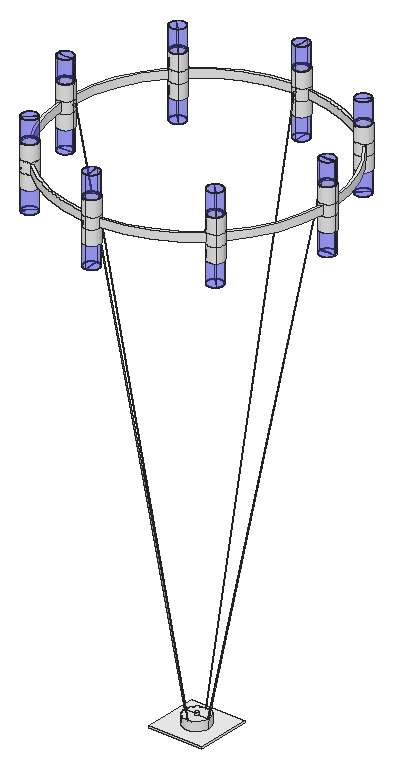
Revit family "BE_50881.1_de_DE", category Leuchten, Revit 2020
Family settings
  Basisbauteil = Fläche
  Bemaßung runder Anschluss = Durchmesser verwenden
  Teiletyp = Normal
  Beim Laden mit Abzugskörper schneiden = Ja
  Lichtquelle = Ja
  Gemeinsam genutzt = Nein
  Raumberechnungspunkt = Ja
Parameters (values of type "BEGA_50881.1_K3")
  built-in parameter 1150104 = 7.2 (stored number, unit not read)
  Wattage = 259.2 W
  Default Elevation = 0 mm
  built-in parameter 1150113 = 1 (stored number, unit not read)
  built-in parameter 1114218 = 1 (stored number, unit not read)
  Umgebungstemperatur = "25 °C"
  URL = "https://www.bega.com/de/produkt/50881.1"
  Typenkommentare = "© 2022 BEGA. Wir behalten uns das Recht vor, technische Änderungen ohne vorherige Ankündigung vorzunehmen."  # constant formula
  built-in parameter 1150134 = (empty or 0)
  built-in parameter 1150109 = 1 (stored number, unit not read)
  Strom = ""
  built-in parameter 1150110 = 1 (stored number, unit not read)
  Spannung = 239.996 V
  Sonderanfertigung = no
  Seriennummer [instance] = "Hier können Sie die eindeutige Seriennummer für das Facility Management eintragen."
  Schutzklasse = "I"
  Schutzart = "IP 20"
  Scheinlast = 0 VA
  Produktdatenblatt = "https://cdn.bega.com/bega/products/50881.1K4/current/documents/data-sheets/de"
  Oberflächentemperatur = ""
  Neigungswinkel = 0.00°
  Modell = "50881.1K3"
  Material_34 = BEGA_Oberfläche_Samtweiss_matt
  Material_17 = BEGA_Reflektor
  Material_15 = BEGA_Leuchtmedium_matt
  Material_11 = BEGA_Glas_opal
  Material_09 = BEGA_Glas_klar
  Material_06 = BEGA_Oberfläche_Edelstahl_gebürstet
  Material_03 = BEGA_Oberfläche_Weiss_matt
  Material_02 = BEGA_Oberfläche_Silber_matt
  Material_01 [instance] = BEGA_Oberfläche_Grafit_matt
  M_W = no
  M_G = no
  M_A = no
  Logo = 0
  built-in parameter 1114217 = 1 (stored number, unit not read)
  built-in parameter 1150139 = (empty or 0)
  built-in parameter 1150105 = 1598.6 (stored number, unit not read)
  built-in parameter 1150114 = 1 (stored number, unit not read)
  Lumens = 20088 lm
  built-in parameter 1150115 = 1 (stored number, unit not read)
  Leuchtenlichtstrom = "12720 lm"
  Leuchtenanzahl = ""
  Lebensdauerkriterien = "L70B50 @ 25 °C = 195000 h"
  Lastklassifizierung = Beleuchtung
  built-in parameter 1150112 = 1 (stored number, unit not read)
  Lampenlichtstrom = "20080 lm"
  Lampe = "LED 259.2 W"
  LED_Modulbezeichnung = "16x LED-0800/930"
  Hersteller = "BEGA"  # constant formula
  Halbstreuwinkel = ""
  Gewicht = "41.5 kg"
  Gebrauchslageneinschränkung [instance] = ""
  Frequenz = "50-60 Hz"
  Farbwiedergabeindex = "CRI > 90"
  Farbtemperaturverschiebung bei Dämpfen der Lampe = <Keine Auswahl>
  Farbtemperatur = "3000 K"
  Color Filter = 16777215
  built-in parameter 1150133 = 10 (stored number, unit not read)
  Energieeffizienzklasse = "LED A++ - A"
  built-in parameter 1150137 = (empty or 0)
  built-in parameter 1150132 = (empty or 0)
  ENEC = "ja"
  Dimmbar [instance] = "DALI"
  Datei für fotometrisches Netz = "BE_50881.1K3.IES"
  CE_Konformität = "ja"
  Bestellnummer = "50881.1K3"
  Beschreibung_Sonderanfertigung = "Hier können Sie Informationen zur Sonderanfertigung eintragen."
  Beschreibung = "Ringkrone"
  built-in parameter 1150106 = 15.986 (stored number, unit not read)
  Befestigungsbohrung = ""
  Befestigungsabstand = ""
  Ballwurfsicher = ""
  BEGA_Intern_aus = yes
  BEGA_Intern_an = yes
  BEGA_Intern_Konstruktion = yes
  BEGA_Intern = yes
  BEGA_IES = yes
  BEGA_Dummy = no
  Anschlussleitung = ""
  Anschlussleistung [instance] = "160 W"
  Anschlusskasten = ""
  built-in parameter 1150107 = 3000 (stored number, unit not read)
  built-in parameter 1150102 = (empty or 0)
  built-in parameter 1150138 = (empty or 0)
  Aktualisierung = "2022-05-19T04:00:07"
  Abstand_zur_angestrahlten_Fläche [instance] = ""
  AC/DC = "AC"
Reference planes
  plane 1 "Mitte (Vorne/Hinten)": y = 0
  plane 2: z = 0
  plane 3 "Mitte (Links/Rechts)": x = 0
  plane 4 "Links": x = -1049.069
  plane 5 "Rechts": x = 1049
  plane 6 "Unten": y = -1050.5
  plane 7 "Oben": y = 1050.5
  plane 8 "Vorne": z = 4170.779
  plane 9 "Hinten": z = 0
Forms (mm)
  Extrusion 1, solid, material "BEGA_Platte_Weiss"
    sketch origin (0, -1119.2, 0) x (1, 0, 0) y (0, 1, 0)
      loop
        line (-200, 1319.2) -> (-200, 919.2) -> (200, 919.2) -> (200, 1319.2) -> (-200, 1319.2)
    from 0 to -10
  Extrusion 2, solid, material "BEGA_Dummy_matt", visible <- "BEGA_Dummy"
    sketch origin (77.149, -76.023, 0) x (1, 0, 0) y (0, 1, 0)
      loop
        circle (-77.149, 76.023) r 1049
    from 0 to 4170.779
Dimensions and locks
  plane 1 "Mitte (Vorne/Hinten)" to Extrusion 1 = 200 mm
  plane 9 "Hinten" to Extrusion 2 = 0 mm
  aligned and locked: plane 2 to Extrusion 1
  aligned and locked: level to Extrusion 1
Nested families
  nested 1: "BE_50881.1" at (0, 0, 0), type "BE_50881.1"
Connectors
  electrical at (0, 0, 0), driven by "Lastklassifizierung", driven by "Spannung", driven by "Scheinlast"
    settings: index 1, voltage 239.996 V, apparent load 0 VA, apparent load phase1 0 VA, apparent load phase2 0 VA, apparent load phase3 0 VA, power factor 1, load classification "Beleuchtung", number of poles 1, system type 31, power factor state 1, is connector primary yes, connector utility no, sub classification motor no, connector description ""
Definition of nested family "BE_50881.1"
  Parameters (values of type "BE_50881.1")
    Default Elevation = 1 mm
    URL = "http://www.bega.de/de/produkt"
    Type Comments = "© 2015 BEGA. Wir behalten uns das Recht vor, technische Änderungen ohne vorherige Ankündigung vorzunehmen. "  # constant formula
    Type Image = (empty or 0)
    Neigungswinkel_um_Z2 = 0.00°
    Neigungswinkel_um_Z1 = 0.00°
    Neigungswinkel_um_Y2 = 0.00°
    Neigungswinkel_um_Y1 = 0.00°
    Neigungswinkel_um_X2 = 0.00°
    Neigungswinkel_um_X1 = 0.00°
    Material_34 = none
    Material_17 = none
    Material_15 = none
    Material_11 = none
    Material_09 = none
    Material_06 = none
    Material_01 = none
    Länge_Platte = 200 mm  # constant formula
    Höhe_Platte = -10 mm  # constant formula
    Manufacturer = "BEGA"  # constant formula
    Drehwinkel_um_Z2 = 0.00°
    Drehwinkel_um_Z1 = 0.00°
    Breite_Platte = 200 mm  # constant formula
  Reference planes
    plane 1 "Mitte (Oben/Unten)": y = 0
    plane 2: z = 0
    plane 3 "Mitte (Links/Rechts)": x = 0
    plane 4 "Hinten": z = 0
    plane 5: z = 4170.779
    plane 6: y = 1050.5
    plane 7: y = -1050.5
    plane 8: x = -1049
    plane 9: x = 1049
  Forms (mm)
    Extrusion 1, solid, detail levels medium
      sketch origin (0, 0, 0) x (1, 0, 0) y (0, 1, 0)
        loop
          line (-100, 100) -> (-100, -100) -> (100, -100) -> (100, 100) -> (-100, 100)
      from 0 to -10 <- "Höhe_Platte"
    Revolve 2, solid, material <- "Material_34"
      sketch origin (-0.75, 0, 0) x (1, 0, 0) y (0, 0, 1)
        loop
          line (-10.25, 65) -> (-92.75, 65) -> (-92.75, 0) -> (0.75, 0) -> (0.75, 1.5) -> (-90.75, 1.5) -> (-90.75, 63) -> (-10.25, 63) -> (-10.25, 65)
        axis (0.75, 0) -> (0.75, 65)
      angle from 0 to 360
    Revolve 3, solid, material <- "Material_34"
      sketch origin (-0.75, 0, 0) x (1, 0, 0) y (0, 0, 1)
        loop
          line (-13.25, 75.25) -> (-13.25, 65.25) -> (-10.15, 65.25) -> (-10.15, 59.779) -> (0.75, 59.779) -> (0.75, 75.25) -> (-13.25, 75.25)
        axis (0.75, 59.779) -> (0.75, 75.25)
      angle from 0 to 360
    Revolve 4, solid, material <- "Material_06"
      sketch origin (0, 0, 0) x (1, 0, 0) y (0, 0, 1)
        loop
          line (-915.25, 3861.8) -> (-86.946, 59.669) -> (-86.131, 59.451) -> (-914.325, 3861.08) -> (-915.25, 3861.8)
        axis (-915.25, 3861.8) -> (-86.864, 59.291)
      angle from 0 to 360
    Revolve 5, solid, material <- "Material_06"
      sketch origin (0, 0, 0) x (0, -1, 0) y (0, 0, -1)
        loop
          line (-915.25, -3861.8) -> (-914.325, -3861.08) -> (-86.131, -59.451) -> (-86.946, -59.669) -> (-915.25, -3861.8)
        axis (-915.25, -3861.8) -> (-86.864, -59.291)
      angle from 0 to 360
    Revolve 6, solid, material <- "Material_06"
      sketch origin (0, 0, 0) x (-1, 0, 0) y (0, 0, 1)
        loop
          line (-915.25, 3861.8) -> (-86.946, 59.669) -> (-86.131, 59.451) -> (-914.325, 3861.08) -> (-915.25, 3861.8)
        axis (-915.25, 3861.8) -> (-86.864, 59.291)
      angle from 0 to 360
    Revolve 7, solid, material <- "Material_06"
      sketch origin (0, 0, 0) x (0, 1, 0) y (0, 0, 1)
        loop
          line (-915.25, 3861.8) -> (-86.946, 59.669) -> (-86.131, 59.451) -> (-914.325, 3861.08) -> (-915.25, 3861.8)
        axis (-915.25, 3861.8) -> (-86.864, 59.291)
      angle from 0 to 360
    Revolve 8, solid, material <- "Material_34"
      sketch origin (0, 0, 0) x (1, 0, 0) y (0, 0, 1)
        loop
          line (-999.25, 3878.8) -> (-999.25, 3818.8) -> (-979.135, 3818.8) -> (-979.135, 3878.8) -> (-999.25, 3878.8)
        axis (0, 3878.8) -> (0, 3818.8)
      angle from 0 to 360
    Revolve 9, solid, material <- "Material_06"
      sketch origin (0, 0, 0) x (0, -1, 0) y (0, 0, 1)
        loop
          line (-929.521, 3866.8) -> (-929.521, 3861.8) -> (-911.75, 3861.8) -> (-911.75, 3866.8) -> (-929.521, 3866.8)
        axis (-911.75, 3861.8) -> (-929.521, 3861.8)
      angle from 0 to 360
    Revolve 10, solid, material <- "Material_06"
      sketch origin (1.5, 0, 0) x (-1, 0, 0) y (0, 0, 1)
        loop
          line (-929.521, 3866.8) -> (-929.521, 3861.8) -> (-911.75, 3861.8) -> (-911.75, 3866.8) -> (-929.521, 3866.8)
        axis (-911.75, 3861.8) -> (-929.521, 3861.8)
      angle from 0 to 360
    Revolve 11, solid, material <- "Material_06"
      sketch origin (0, 0, 0) x (0, 1, 0) y (0, 0, -1)
        loop
          line (-929.521, -3866.8) -> (-911.75, -3866.8) -> (-911.75, -3861.8) -> (-929.521, -3861.8) -> (-929.521, -3866.8)
        axis (-911.75, -3861.8) -> (-929.521, -3861.8)
      angle from 0 to 360
    Revolve 12, solid, material <- "Material_06"
      sketch origin (0, 0, 0) x (1, 0, 0) y (0, 0, 1)
        loop
          line (-929.521, 3866.8) -> (-929.521, 3861.8) -> (-911.75, 3861.8) -> (-911.75, 3866.8) -> (-929.521, 3866.8)
        axis (-911.75, 3861.8) -> (-929.521, 3861.8)
      angle from 0 to 360
    Revolve 13, solid, material <- "Material_34"
      sketch origin (0, 0, 0) x (0.707107, -0.707107, 0) y (0, 0, 1)
        loop
          line (-1049, 3889.8) -> (-1049, 3808.8) -> (-1040.75, 3808.8) -> (-1040.75, 3889.8) -> (-1049, 3889.8)
        axis (-989.25, 3808.8) -> (-989.25, 3889.8)
      angle from 0 to 360
    Revolve 14, solid, material <- "Material_34"
      sketch origin (0, 0, 0) x (0.707107, -0.707107, 0) y (0, 0, 1)
        loop
          line (-1048.75, 4000.8) -> (-1048.75, 3889.8) -> (-1044.053, 3889.8) -> (-1044.053, 4000.8) -> (-1048.75, 4000.8)
        loop
          line (-1048.75, 3697.8) -> (-1044.053, 3697.8) -> (-1044.053, 3808.8) -> (-1048.75, 3808.8) -> (-1048.75, 3697.8)
        axis (-989.25, 3697.8) -> (-989.25, 4000.8)
      angle from 0 to 360
    Revolve 15, solid, material <- "Material_11"
      sketch origin (0, 0, 0) x (0.707107, -0.707107, 0) y (0, 0, 1)
        loop
          arc (-1048.75, 4003.002) -> (-1048.338, 4001.969) -> (-1047.329, 4001.504) r 1.5
          line (-1047.329, 4001.504) -> (-1041.25, 4001.186) -> (-1040.799, 3992.579) -> (-1037.795, 3992.579) -> (-1038.255, 4001.358)
          arc (-1038.255, 4001.358) -> (-1039.137, 4003.315) -> (-1041.101, 4004.182) r 3
          line (-1041.101, 4004.182) -> (-1044.799, 4004.376)
          arc (-1044.799, 4004.376) -> (-1045.474, 4004.685) -> (-1045.75, 4005.374) r 1
          line (-1045.75, 4005.374) -> (-1045.75, 4167.593)
          arc (-1045.75, 4167.593) -> (-1017.625, 4163.61) -> (-989.25, 4162.279) r 303
          line (-989.25, 4162.279) -> (-989.25, 4165.279)
          arc (-989.25, 4165.279) -> (-1014.843, 4166.372) -> (-1040.25, 4169.645) r 300
          line (-1040.25, 4169.645) -> (-1040.904, 4170.779) -> (-1047.75, 4170.779)
          arc (-1047.75, 4170.779) -> (-1048.457, 4170.486) -> (-1048.75, 4169.779) r 1
          line (-1048.75, 4169.779) -> (-1048.75, 4003.002)
        loop
          line (-1048.75, 3695.598) -> (-1048.75, 3528.821)
          arc (-1048.75, 3528.821) -> (-1048.457, 3528.114) -> (-1047.75, 3527.821) r 1
          line (-1047.75, 3527.821) -> (-1040.904, 3527.821) -> (-1040.25, 3528.955)
          arc (-1040.25, 3528.955) -> (-1014.843, 3532.228) -> (-989.25, 3533.321) r 300
          line (-989.25, 3533.321) -> (-989.25, 3536.321)
          arc (-989.25, 3536.321) -> (-1017.625, 3534.99) -> (-1045.75, 3531.007) r 303
          line (-1045.75, 3531.007) -> (-1045.75, 3693.226)
          arc (-1045.75, 3693.226) -> (-1045.474, 3693.915) -> (-1044.799, 3694.224) r 1
          line (-1044.799, 3694.224) -> (-1041.101, 3694.418)
          arc (-1041.101, 3694.418) -> (-1039.137, 3695.285) -> (-1038.255, 3697.242) r 3
          line (-1038.255, 3697.242) -> (-1037.795, 3706.021) -> (-1040.799, 3706.021) -> (-1041.25, 3697.414) -> (-1047.329, 3697.096)
          arc (-1047.329, 3697.096) -> (-1048.338, 3696.63) -> (-1048.75, 3695.598) r 1.5
        axis (-989.25, 3527.821) -> (-989.25, 4170.779)
      angle from 0 to 360
    Revolve 16, solid, material <- "Material_34"
      sketch origin (0, 1.5, 0) x (0, -1, 0) y (0, 0, -1)
        loop
          line (-1049, -3889.8) -> (-1040.75, -3889.8) -> (-1040.75, -3808.8) -> (-1049, -3808.8) -> (-1049, -3889.8)
        axis (-989.25, -3808.8) -> (-989.25, -3889.8)
      angle from 0 to 360
    Revolve 17, solid, material <- "Material_34"
      sketch origin (0, 1.5, 0) x (0, -1, 0) y (0, 0, -1)
        loop
          line (-1048.75, -4000.8) -> (-1044.053, -4000.8) -> (-1044.053, -3889.8) -> (-1048.75, -3889.8) -> (-1048.75, -4000.8)
        loop
          line (-1048.75, -3697.8) -> (-1048.75, -3808.8) -> (-1044.053, -3808.8) -> (-1044.053, -3697.8) -> (-1048.75, -3697.8)
        axis (-989.25, -3697.8) -> (-989.25, -4000.8)
      angle from 0 to 360
    Revolve 18, solid, material <- "Material_11"
      sketch origin (0, 1.5, 0) x (0, -1, 0) y (0, 0, -1)
        loop
          line (-1048.75, -4003.002) -> (-1048.75, -4169.779)
          arc (-1048.75, -4169.779) -> (-1048.457, -4170.486) -> (-1047.75, -4170.779) r 1
          line (-1047.75, -4170.779) -> (-1040.904, -4170.779) -> (-1040.25, -4169.645)
          arc (-1040.25, -4169.645) -> (-1014.843, -4166.372) -> (-989.25, -4165.279) r 300
          line (-989.25, -4165.279) -> (-989.25, -4162.279)
          arc (-989.25, -4162.279) -> (-1017.625, -4163.61) -> (-1045.75, -4167.593) r 303
          line (-1045.75, -4167.593) -> (-1045.75, -4005.374)
          arc (-1045.75, -4005.374) -> (-1045.474, -4004.685) -> (-1044.799, -4004.376) r 1
          line (-1044.799, -4004.376) -> (-1041.101, -4004.182)
          arc (-1041.101, -4004.182) -> (-1039.137, -4003.315) -> (-1038.255, -4001.358) r 3
          line (-1038.255, -4001.358) -> (-1037.795, -3992.579) -> (-1040.799, -3992.579) -> (-1041.25, -4001.186) -> (-1047.329, -4001.504)
          arc (-1047.329, -4001.504) -> (-1048.338, -4001.969) -> (-1048.75, -4003.002) r 1.5
        loop
          arc (-1048.75, -3695.598) -> (-1048.338, -3696.63) -> (-1047.329, -3697.096) r 1.5
          line (-1047.329, -3697.096) -> (-1041.25, -3697.414) -> (-1040.799, -3706.021) -> (-1037.795, -3706.021) -> (-1038.255, -3697.242)
          arc (-1038.255, -3697.242) -> (-1039.137, -3695.285) -> (-1041.101, -3694.418) r 3
          line (-1041.101, -3694.418) -> (-1044.799, -3694.224)
          arc (-1044.799, -3694.224) -> (-1045.474, -3693.915) -> (-1045.75, -3693.226) r 1
          line (-1045.75, -3693.226) -> (-1045.75, -3531.007)
          arc (-1045.75, -3531.007) -> (-1017.625, -3534.99) -> (-989.25, -3536.321) r 303
          line (-989.25, -3536.321) -> (-989.25, -3533.321)
          arc (-989.25, -3533.321) -> (-1014.843, -3532.228) -> (-1040.25, -3528.955) r 300
          line (-1040.25, -3528.955) -> (-1040.904, -3527.821) -> (-1047.75, -3527.821)
          arc (-1047.75, -3527.821) -> (-1048.457, -3528.114) -> (-1048.75, -3528.821) r 1
          line (-1048.75, -3528.821) -> (-1048.75, -3695.598)
        axis (-989.25, -3527.821) -> (-989.25, -4170.779)
      angle from 0 to 360
    Revolve 19, solid, material <- "Material_34"
      sketch origin (0, 0, 0) x (-1, 0, 0) y (0, 0, 1)
        loop
          line (-1049, 3889.8) -> (-1049, 3808.8) -> (-1040.75, 3808.8) -> (-1040.75, 3889.8) -> (-1049, 3889.8)
        axis (-989.25, 3808.8) -> (-989.25, 3889.8)
      angle from 0 to 360
    Revolve 20, solid, material <- "Material_34"
      sketch origin (0, 0, 0) x (-1, 0, 0) y (0, 0, 1)
        loop
          line (-1048.75, 4000.8) -> (-1048.75, 3889.8) -> (-1044.053, 3889.8) -> (-1044.053, 4000.8) -> (-1048.75, 4000.8)
        loop
          line (-1048.75, 3697.8) -> (-1044.053, 3697.8) -> (-1044.053, 3808.8) -> (-1048.75, 3808.8) -> (-1048.75, 3697.8)
        axis (-989.25, 3697.8) -> (-989.25, 4000.8)
      angle from 0 to 360
    Revolve 21, solid, material <- "Material_11"
      sketch origin (0, 0, 0) x (-1, 0, 0) y (0, 0, 1)
        loop
          arc (-1048.75, 4003.002) -> (-1048.338, 4001.969) -> (-1047.329, 4001.504) r 1.5
          line (-1047.329, 4001.504) -> (-1041.25, 4001.186) -> (-1040.799, 3992.579) -> (-1037.795, 3992.579) -> (-1038.255, 4001.358)
          arc (-1038.255, 4001.358) -> (-1039.137, 4003.315) -> (-1041.101, 4004.182) r 3
          line (-1041.101, 4004.182) -> (-1044.799, 4004.376)
          arc (-1044.799, 4004.376) -> (-1045.474, 4004.685) -> (-1045.75, 4005.374) r 1
          line (-1045.75, 4005.374) -> (-1045.75, 4167.593)
          arc (-1045.75, 4167.593) -> (-1017.625, 4163.61) -> (-989.25, 4162.279) r 303
          line (-989.25, 4162.279) -> (-989.25, 4165.279)
          arc (-989.25, 4165.279) -> (-1014.843, 4166.372) -> (-1040.25, 4169.645) r 300
          line (-1040.25, 4169.645) -> (-1040.904, 4170.779) -> (-1047.75, 4170.779)
          arc (-1047.75, 4170.779) -> (-1048.457, 4170.486) -> (-1048.75, 4169.779) r 1
          line (-1048.75, 4169.779) -> (-1048.75, 4003.002)
        loop
          line (-1048.75, 3695.598) -> (-1048.75, 3528.821)
          arc (-1048.75, 3528.821) -> (-1048.457, 3528.114) -> (-1047.75, 3527.821) r 1
          line (-1047.75, 3527.821) -> (-1040.904, 3527.821) -> (-1040.25, 3528.955)
          arc (-1040.25, 3528.955) -> (-1014.843, 3532.228) -> (-989.25, 3533.321) r 300
          line (-989.25, 3533.321) -> (-989.25, 3536.321)
          arc (-989.25, 3536.321) -> (-1017.625, 3534.99) -> (-1045.75, 3531.007) r 303
          line (-1045.75, 3531.007) -> (-1045.75, 3693.226)
          arc (-1045.75, 3693.226) -> (-1045.474, 3693.915) -> (-1044.799, 3694.224) r 1
          line (-1044.799, 3694.224) -> (-1041.101, 3694.418)
          arc (-1041.101, 3694.418) -> (-1039.137, 3695.285) -> (-1038.255, 3697.242) r 3
          line (-1038.255, 3697.242) -> (-1037.795, 3706.021) -> (-1040.799, 3706.021) -> (-1041.25, 3697.414) -> (-1047.329, 3697.096)
          arc (-1047.329, 3697.096) -> (-1048.338, 3696.63) -> (-1048.75, 3695.598) r 1.5
        axis (-989.25, 3527.821) -> (-989.25, 4170.779)
      angle from 0 to 360
    Revolve 22, solid, material <- "Material_34"
      sketch origin (0, -1.5, 0) x (0, 1, 0) y (0, 0, 1)
        loop
          line (-1049, 3889.8) -> (-1049, 3808.8) -> (-1040.75, 3808.8) -> (-1040.75, 3889.8) -> (-1049, 3889.8)
        axis (-989.25, 3808.8) -> (-989.25, 3889.8)
      angle from 0 to 360
    Revolve 23, solid, material <- "Material_34"
      sketch origin (0, -1.5, 0) x (0, 1, 0) y (0, 0, 1)
        loop
          line (-1048.75, 4000.8) -> (-1048.75, 3889.8) -> (-1044.053, 3889.8) -> (-1044.053, 4000.8) -> (-1048.75, 4000.8)
        loop
          line (-1048.75, 3697.8) -> (-1044.053, 3697.8) -> (-1044.053, 3808.8) -> (-1048.75, 3808.8) -> (-1048.75, 3697.8)
        axis (-989.25, 3697.8) -> (-989.25, 4000.8)
      angle from 0 to 360
    Revolve 24, solid, material <- "Material_11"
      sketch origin (0, -1.5, 0) x (0, 1, 0) y (0, 0, 1)
        loop
          arc (-1048.75, 4003.002) -> (-1048.338, 4001.969) -> (-1047.329, 4001.504) r 1.5
          line (-1047.329, 4001.504) -> (-1041.25, 4001.186) -> (-1040.799, 3992.579) -> (-1037.795, 3992.579) -> (-1038.255, 4001.358)
          arc (-1038.255, 4001.358) -> (-1039.137, 4003.315) -> (-1041.101, 4004.182) r 3
          line (-1041.101, 4004.182) -> (-1044.799, 4004.376)
          arc (-1044.799, 4004.376) -> (-1045.474, 4004.685) -> (-1045.75, 4005.374) r 1
          line (-1045.75, 4005.374) -> (-1045.75, 4167.593)
          arc (-1045.75, 4167.593) -> (-1017.625, 4163.61) -> (-989.25, 4162.279) r 303
          line (-989.25, 4162.279) -> (-989.25, 4165.279)
          arc (-989.25, 4165.279) -> (-1014.843, 4166.372) -> (-1040.25, 4169.645) r 300
          line (-1040.25, 4169.645) -> (-1040.904, 4170.779) -> (-1047.75, 4170.779)
          arc (-1047.75, 4170.779) -> (-1048.457, 4170.486) -> (-1048.75, 4169.779) r 1
          line (-1048.75, 4169.779) -> (-1048.75, 4003.002)
        loop
          line (-1048.75, 3695.598) -> (-1048.75, 3528.821)
          arc (-1048.75, 3528.821) -> (-1048.457, 3528.114) -> (-1047.75, 3527.821) r 1
          line (-1047.75, 3527.821) -> (-1040.904, 3527.821) -> (-1040.25, 3528.955)
          arc (-1040.25, 3528.955) -> (-1014.843, 3532.228) -> (-989.25, 3533.321) r 300
          line (-989.25, 3533.321) -> (-989.25, 3536.321)
          arc (-989.25, 3536.321) -> (-1017.625, 3534.99) -> (-1045.75, 3531.007) r 303
          line (-1045.75, 3531.007) -> (-1045.75, 3693.226)
          arc (-1045.75, 3693.226) -> (-1045.474, 3693.915) -> (-1044.799, 3694.224) r 1
          line (-1044.799, 3694.224) -> (-1041.101, 3694.418)
          arc (-1041.101, 3694.418) -> (-1039.137, 3695.285) -> (-1038.255, 3697.242) r 3
          line (-1038.255, 3697.242) -> (-1037.795, 3706.021) -> (-1040.799, 3706.021) -> (-1041.25, 3697.414) -> (-1047.329, 3697.096)
          arc (-1047.329, 3697.096) -> (-1048.338, 3696.63) -> (-1048.75, 3695.598) r 1.5
        axis (-989.25, 3527.821) -> (-989.25, 4170.779)
      angle from 0 to 360
    Revolve 25, solid, material <- "Material_34"
      sketch origin (0, 0, 0) x (1, 0, 0) y (0, 0, 1)
        loop
          line (-1049, 3889.8) -> (-1049, 3808.8) -> (-1040.75, 3808.8) -> (-1040.75, 3889.8) -> (-1049, 3889.8)
        axis (-989.25, 3808.8) -> (-989.25, 3889.8)
      angle from 0 to 360
    Revolve 26, solid, material <- "Material_34"
      sketch origin (0, 0, 0) x (1, 0, 0) y (0, 0, 1)
        loop
          line (-1048.75, 4000.8) -> (-1048.75, 3889.8) -> (-1044.053, 3889.8) -> (-1044.053, 4000.8) -> (-1048.75, 4000.8)
        loop
          line (-1048.75, 3697.8) -> (-1044.053, 3697.8) -> (-1044.053, 3808.8) -> (-1048.75, 3808.8) -> (-1048.75, 3697.8)
        axis (-989.25, 3697.8) -> (-989.25, 4000.8)
      angle from 0 to 360
    Revolve 27, solid, material <- "Material_11"
      sketch origin (0, 0, 0) x (1, 0, 0) y (0, 0, 1)
        loop
          arc (-1048.75, 4003.002) -> (-1048.338, 4001.969) -> (-1047.329, 4001.504) r 1.5
          line (-1047.329, 4001.504) -> (-1041.25, 4001.186) -> (-1040.799, 3992.579) -> (-1037.795, 3992.579) -> (-1038.255, 4001.358)
          arc (-1038.255, 4001.358) -> (-1039.137, 4003.315) -> (-1041.101, 4004.182) r 3
          line (-1041.101, 4004.182) -> (-1044.799, 4004.376)
          arc (-1044.799, 4004.376) -> (-1045.474, 4004.685) -> (-1045.75, 4005.374) r 1
          line (-1045.75, 4005.374) -> (-1045.75, 4167.593)
          arc (-1045.75, 4167.593) -> (-1017.625, 4163.61) -> (-989.25, 4162.279) r 303
          line (-989.25, 4162.279) -> (-989.25, 4165.279)
          arc (-989.25, 4165.279) -> (-1014.843, 4166.372) -> (-1040.25, 4169.645) r 300
          line (-1040.25, 4169.645) -> (-1040.904, 4170.779) -> (-1047.75, 4170.779)
          arc (-1047.75, 4170.779) -> (-1048.457, 4170.486) -> (-1048.75, 4169.779) r 1
          line (-1048.75, 4169.779) -> (-1048.75, 4003.002)
        loop
          line (-1048.75, 3695.598) -> (-1048.75, 3528.821)
          arc (-1048.75, 3528.821) -> (-1048.457, 3528.114) -> (-1047.75, 3527.821) r 1
          line (-1047.75, 3527.821) -> (-1040.904, 3527.821) -> (-1040.25, 3528.955)
          arc (-1040.25, 3528.955) -> (-1014.843, 3532.228) -> (-989.25, 3533.321) r 300
          line (-989.25, 3533.321) -> (-989.25, 3536.321)
          arc (-989.25, 3536.321) -> (-1017.625, 3534.99) -> (-1045.75, 3531.007) r 303
          line (-1045.75, 3531.007) -> (-1045.75, 3693.226)
          arc (-1045.75, 3693.226) -> (-1045.474, 3693.915) -> (-1044.799, 3694.224) r 1
          line (-1044.799, 3694.224) -> (-1041.101, 3694.418)
          arc (-1041.101, 3694.418) -> (-1039.137, 3695.285) -> (-1038.255, 3697.242) r 3
          line (-1038.255, 3697.242) -> (-1037.795, 3706.021) -> (-1040.799, 3706.021) -> (-1041.25, 3697.414) -> (-1047.329, 3697.096)
          arc (-1047.329, 3697.096) -> (-1048.338, 3696.63) -> (-1048.75, 3695.598) r 1.5
        axis (-989.25, 3527.821) -> (-989.25, 4170.779)
      angle from 0 to 360
    Revolve 28, solid, material <- "Material_34"
      sketch origin (0, 0, 0) x (0.707107, 0.707107, 0) y (0, 0, -1)
        loop
          line (-1049, -3889.8) -> (-1040.75, -3889.8) -> (-1040.75, -3808.8) -> (-1049, -3808.8) -> (-1049, -3889.8)
        axis (-989.25, -3808.8) -> (-989.25, -3889.8)
      angle from 0 to 360
    Revolve 29, solid, material <- "Material_34"
      sketch origin (0, 0, 0) x (0.707107, 0.707107, 0) y (0, 0, -1)
        loop
          line (-1048.75, -4000.8) -> (-1044.053, -4000.8) -> (-1044.053, -3889.8) -> (-1048.75, -3889.8) -> (-1048.75, -4000.8)
        loop
          line (-1048.75, -3697.8) -> (-1048.75, -3808.8) -> (-1044.053, -3808.8) -> (-1044.053, -3697.8) -> (-1048.75, -3697.8)
        axis (-989.25, -3697.8) -> (-989.25, -4000.8)
      angle from 0 to 360
    Revolve 30, solid, material <- "Material_11"
      sketch origin (0, 0, 0) x (0.707107, 0.707107, 0) y (0, 0, -1)
        loop
          line (-1048.75, -4003.002) -> (-1048.75, -4169.779)
          arc (-1048.75, -4169.779) -> (-1048.457, -4170.486) -> (-1047.75, -4170.779) r 1
          line (-1047.75, -4170.779) -> (-1040.904, -4170.779) -> (-1040.25, -4169.645)
          arc (-1040.25, -4169.645) -> (-1014.843, -4166.372) -> (-989.25, -4165.279) r 300
          line (-989.25, -4165.279) -> (-989.25, -4162.279)
          arc (-989.25, -4162.279) -> (-1017.625, -4163.61) -> (-1045.75, -4167.593) r 303
          line (-1045.75, -4167.593) -> (-1045.75, -4005.374)
          arc (-1045.75, -4005.374) -> (-1045.474, -4004.685) -> (-1044.799, -4004.376) r 1
          line (-1044.799, -4004.376) -> (-1041.101, -4004.182)
          arc (-1041.101, -4004.182) -> (-1039.137, -4003.315) -> (-1038.255, -4001.358) r 3
          line (-1038.255, -4001.358) -> (-1037.795, -3992.579) -> (-1040.799, -3992.579) -> (-1041.25, -4001.186) -> (-1047.329, -4001.504)
          arc (-1047.329, -4001.504) -> (-1048.338, -4001.969) -> (-1048.75, -4003.002) r 1.5
        loop
          arc (-1048.75, -3695.598) -> (-1048.338, -3696.63) -> (-1047.329, -3697.096) r 1.5
          line (-1047.329, -3697.096) -> (-1041.25, -3697.414) -> (-1040.799, -3706.021) -> (-1037.795, -3706.021) -> (-1038.255, -3697.242)
          arc (-1038.255, -3697.242) -> (-1039.137, -3695.285) -> (-1041.101, -3694.418) r 3
          line (-1041.101, -3694.418) -> (-1044.799, -3694.224)
          arc (-1044.799, -3694.224) -> (-1045.474, -3693.915) -> (-1045.75, -3693.226) r 1
          line (-1045.75, -3693.226) -> (-1045.75, -3531.007)
          arc (-1045.75, -3531.007) -> (-1017.625, -3534.99) -> (-989.25, -3536.321) r 303
          line (-989.25, -3536.321) -> (-989.25, -3533.321)
          arc (-989.25, -3533.321) -> (-1014.843, -3532.228) -> (-1040.25, -3528.955) r 300
          line (-1040.25, -3528.955) -> (-1040.904, -3527.821) -> (-1047.75, -3527.821)
          arc (-1047.75, -3527.821) -> (-1048.457, -3528.114) -> (-1048.75, -3528.821) r 1
          line (-1048.75, -3528.821) -> (-1048.75, -3695.598)
        axis (-989.25, -3527.821) -> (-989.25, -4170.779)
      angle from 0 to 360
    Revolve 31, solid, material <- "Material_34"
      sketch origin (1.5, 0, 0) x (-0.707107, -0.707107, 0) y (0, 0, -1)
        loop
          line (-1049, -3889.8) -> (-1040.75, -3889.8) -> (-1040.75, -3808.8) -> (-1049, -3808.8) -> (-1049, -3889.8)
        axis (-989.25, -3808.8) -> (-989.25, -3889.8)
      angle from 0 to 360
    Revolve 32, solid, material <- "Material_34"
      sketch origin (1.5, 0, 0) x (-0.707107, -0.707107, 0) y (0, 0, -1)
        loop
          line (-1048.75, -4000.8) -> (-1044.053, -4000.8) -> (-1044.053, -3889.8) -> (-1048.75, -3889.8) -> (-1048.75, -4000.8)
        loop
          line (-1048.75, -3697.8) -> (-1048.75, -3808.8) -> (-1044.053, -3808.8) -> (-1044.053, -3697.8) -> (-1048.75, -3697.8)
        axis (-989.25, -3697.8) -> (-989.25, -4000.8)
      angle from 0 to 360
    Revolve 33, solid, material <- "Material_11"
      sketch origin (1.5, 0, 0) x (-0.707107, -0.707107, 0) y (0, 0, -1)
        loop
          line (-1048.75, -4003.002) -> (-1048.75, -4169.779)
          arc (-1048.75, -4169.779) -> (-1048.457, -4170.486) -> (-1047.75, -4170.779) r 1
          line (-1047.75, -4170.779) -> (-1040.904, -4170.779) -> (-1040.25, -4169.645)
          arc (-1040.25, -4169.645) -> (-1014.843, -4166.372) -> (-989.25, -4165.279) r 300
          line (-989.25, -4165.279) -> (-989.25, -4162.279)
          arc (-989.25, -4162.279) -> (-1017.625, -4163.61) -> (-1045.75, -4167.593) r 303
          line (-1045.75, -4167.593) -> (-1045.75, -4005.374)
          arc (-1045.75, -4005.374) -> (-1045.474, -4004.685) -> (-1044.799, -4004.376) r 1
          line (-1044.799, -4004.376) -> (-1041.101, -4004.182)
          arc (-1041.101, -4004.182) -> (-1039.137, -4003.315) -> (-1038.255, -4001.358) r 3
          line (-1038.255, -4001.358) -> (-1037.795, -3992.579) -> (-1040.799, -3992.579) -> (-1041.25, -4001.186) -> (-1047.329, -4001.504)
          arc (-1047.329, -4001.504) -> (-1048.338, -4001.969) -> (-1048.75, -4003.002) r 1.5
        loop
          arc (-1048.75, -3695.598) -> (-1048.338, -3696.63) -> (-1047.329, -3697.096) r 1.5
          line (-1047.329, -3697.096) -> (-1041.25, -3697.414) -> (-1040.799, -3706.021) -> (-1037.795, -3706.021) -> (-1038.255, -3697.242)
          arc (-1038.255, -3697.242) -> (-1039.137, -3695.285) -> (-1041.101, -3694.418) r 3
          line (-1041.101, -3694.418) -> (-1044.799, -3694.224)
          arc (-1044.799, -3694.224) -> (-1045.474, -3693.915) -> (-1045.75, -3693.226) r 1
          line (-1045.75, -3693.226) -> (-1045.75, -3531.007)
          arc (-1045.75, -3531.007) -> (-1017.625, -3534.99) -> (-989.25, -3536.321) r 303
          line (-989.25, -3536.321) -> (-989.25, -3533.321)
          arc (-989.25, -3533.321) -> (-1014.843, -3532.228) -> (-1040.25, -3528.955) r 300
          line (-1040.25, -3528.955) -> (-1040.904, -3527.821) -> (-1047.75, -3527.821)
          arc (-1047.75, -3527.821) -> (-1048.457, -3528.114) -> (-1048.75, -3528.821) r 1
          line (-1048.75, -3528.821) -> (-1048.75, -3695.598)
        axis (-989.25, -3527.821) -> (-989.25, -4170.779)
      angle from 0 to 360
    Revolve 34, solid, material <- "Material_34"
      sketch origin (1.5, 0, 0) x (-0.707107, 0.707107, 0) y (0, 0, 1)
        loop
          line (-1049, 3889.8) -> (-1049, 3808.8) -> (-1040.75, 3808.8) -> (-1040.75, 3889.8) -> (-1049, 3889.8)
        axis (-989.25, 3808.8) -> (-989.25, 3889.8)
      angle from 0 to 360
    Revolve 35, solid, material <- "Material_34"
      sketch origin (1.5, 0, 0) x (-0.707107, 0.707107, 0) y (0, 0, 1)
        loop
          line (-1048.75, 4000.8) -> (-1048.75, 3889.8) -> (-1044.053, 3889.8) -> (-1044.053, 4000.8) -> (-1048.75, 4000.8)
        loop
          line (-1048.75, 3697.8) -> (-1044.053, 3697.8) -> (-1044.053, 3808.8) -> (-1048.75, 3808.8) -> (-1048.75, 3697.8)
        axis (-989.25, 3697.8) -> (-989.25, 4000.8)
      angle from 0 to 360
    Revolve 36, solid, material <- "Material_11"
      sketch origin (1.5, 0, 0) x (-0.707107, 0.707107, 0) y (0, 0, 1)
        loop
          arc (-1048.75, 4003.002) -> (-1048.338, 4001.969) -> (-1047.329, 4001.504) r 1.5
          line (-1047.329, 4001.504) -> (-1041.25, 4001.186) -> (-1040.799, 3992.579) -> (-1037.795, 3992.579) -> (-1038.255, 4001.358)
          arc (-1038.255, 4001.358) -> (-1039.137, 4003.315) -> (-1041.101, 4004.182) r 3
          line (-1041.101, 4004.182) -> (-1044.799, 4004.376)
          arc (-1044.799, 4004.376) -> (-1045.474, 4004.685) -> (-1045.75, 4005.374) r 1
          line (-1045.75, 4005.374) -> (-1045.75, 4167.593)
          arc (-1045.75, 4167.593) -> (-1017.625, 4163.61) -> (-989.25, 4162.279) r 303
          line (-989.25, 4162.279) -> (-989.25, 4165.279)
          arc (-989.25, 4165.279) -> (-1014.843, 4166.372) -> (-1040.25, 4169.645) r 300
          line (-1040.25, 4169.645) -> (-1040.904, 4170.779) -> (-1047.75, 4170.779)
          arc (-1047.75, 4170.779) -> (-1048.457, 4170.486) -> (-1048.75, 4169.779) r 1
          line (-1048.75, 4169.779) -> (-1048.75, 4003.002)
        loop
          line (-1048.75, 3695.598) -> (-1048.75, 3528.821)
          arc (-1048.75, 3528.821) -> (-1048.457, 3528.114) -> (-1047.75, 3527.821) r 1
          line (-1047.75, 3527.821) -> (-1040.904, 3527.821) -> (-1040.25, 3528.955)
          arc (-1040.25, 3528.955) -> (-1014.843, 3532.228) -> (-989.25, 3533.321) r 300
          line (-989.25, 3533.321) -> (-989.25, 3536.321)
          arc (-989.25, 3536.321) -> (-1017.625, 3534.99) -> (-1045.75, 3531.007) r 303
          line (-1045.75, 3531.007) -> (-1045.75, 3693.226)
          arc (-1045.75, 3693.226) -> (-1045.474, 3693.915) -> (-1044.799, 3694.224) r 1
          line (-1044.799, 3694.224) -> (-1041.101, 3694.418)
          arc (-1041.101, 3694.418) -> (-1039.137, 3695.285) -> (-1038.255, 3697.242) r 3
          line (-1038.255, 3697.242) -> (-1037.795, 3706.021) -> (-1040.799, 3706.021) -> (-1041.25, 3697.414) -> (-1047.329, 3697.096)
          arc (-1047.329, 3697.096) -> (-1048.338, 3696.63) -> (-1048.75, 3695.598) r 1.5
        axis (-989.25, 3527.821) -> (-989.25, 4170.779)
      angle from 0 to 360
  Cuts and joins
    joined: Revolve 8, Revolve 13, Revolve 16, Revolve 19, Revolve 22, Revolve 25, Revolve 28, Revolve 31, Revolve 34
  Dimensions and locks
    equal spacing: Extrusion 1 sketch curve, plane 3 "Mitte (Links/Rechts)", Extrusion 1 sketch curve
    equal spacing: Extrusion 1 sketch curve, plane 1 "Mitte (Oben/Unten)", Extrusion 1 sketch curve
    "Länge_Platte": Extrusion 1 sketch curve to Extrusion 1 sketch curve
    "Breite_Platte": Extrusion 1 sketch curve to Extrusion 1 sketch curve
    plane 1 "Mitte (Oben/Unten)" to Extrusion 1 = 100 mm  (x3)
    aligned and locked: plane 2 to Extrusion 1
    aligned and locked: level to Extrusion 1
  Automatic sketch dimensions
    Revolve 2 sketch curve to level = 0 mm
    Revolve 2 sketch curve to plane 3 "Mitte (Links/Rechts)" = 93.5 mm
    Revolve 2 sketch curve to Revolve 2 sketch curve = 2 mm  (x3)
    Revolve 2 sketch curve to plane 3 "Mitte (Links/Rechts)" = 11 mm
    plane 3 "Mitte (Links/Rechts)" to Revolve 2 sketch curve = 0 mm  (x2)
    level to Revolve 2 sketch curve = 1.5 mm
    Revolve 2 sketch curve to Revolve 2 sketch curve = 61.5 mm
    Revolve 2 sketch curve to Revolve 2 sketch curve = 12.25 mm
    Revolve 3 sketch curve to plane 3 "Mitte (Links/Rechts)" = 14 mm
    Revolve 3 sketch curve to Revolve 3 sketch curve = 3.1 mm
    plane 3 "Mitte (Links/Rechts)" to Revolve 3 sketch curve = 0 mm  (x2)
    level to Revolve 3 sketch curve = 59.779 mm
    Revolve 3 sketch curve to Revolve 3 sketch curve = 5.471 mm
    Revolve 3 sketch curve to Revolve 3 sketch curve = 10 mm
    Revolve 3 sketch curve to level = 2 mm
    Revolve 3 sketch curve to Revolve 3 sketch curve = 2 mm
    Revolve 4 sketch curve to Revolve 4 sketch curve = 0.925 mm
    Revolve 4 sketch curve to plane 3 "Mitte (Links/Rechts)" = 86.946 mm
    Revolve 4 sketch curve to Revolve 4 sketch curve = 0.815 mm
    level to Revolve 4 sketch curve = 59.451 mm
    Revolve 4 sketch curve to Revolve 4 sketch curve = 0.218 mm
    Revolve 4 sketch curve to Revolve 4 sketch curve = 0.72 mm
    Revolve 4 sketch curve to Revolve 4 sketch curve = 1.361 mm
    level to Revolve 4 sketch curve = 10.815 mm
    Revolve 4 sketch curve to Revolve 4 sketch curve = 9.828 mm
    Revolve 4 sketch curve to Revolve 4 sketch curve = 6.247 mm
    Revolve 5 sketch curve to Revolve 5 sketch curve = 0.925 mm
    Revolve 5 sketch curve to plane 1 "Mitte (Oben/Unten)" = 86.946 mm
    Revolve 5 sketch curve to Revolve 5 sketch curve = 0.815 mm
    Revolve 5 sketch curve to Revolve 5 sketch curve = 0.72 mm
    level to Revolve 5 sketch curve = 59.669 mm
    Revolve 5 sketch curve to Revolve 5 sketch curve = 0.218 mm
    Revolve 5 sketch curve to Revolve 5 sketch curve = 1.361 mm
    level to Revolve 5 sketch curve = 10.815 mm
    Revolve 5 sketch curve to Revolve 5 sketch curve = 9.828 mm
    Revolve 5 sketch curve to Revolve 5 sketch curve = 6.247 mm
    Revolve 6 sketch curve to Revolve 6 sketch curve = 0.925 mm
    Revolve 6 sketch curve to plane 3 "Mitte (Links/Rechts)" = 86.946 mm
    Revolve 6 sketch curve to Revolve 6 sketch curve = 0.815 mm
    Revolve 6 sketch curve to level = 59.451 mm
    Revolve 6 sketch curve to Revolve 6 sketch curve = 0.218 mm
    Revolve 6 sketch curve to Revolve 6 sketch curve = 0.72 mm
    Revolve 6 sketch curve to Revolve 6 sketch curve = 1.361 mm
    Revolve 6 sketch curve to level = 10.815 mm
    Revolve 6 sketch curve to Revolve 6 sketch curve = 9.828 mm
    Revolve 6 sketch curve to Revolve 6 sketch curve = 6.247 mm
    Revolve 7 sketch curve to Revolve 7 sketch curve = 0.925 mm
    plane 1 "Mitte (Oben/Unten)" to Revolve 7 sketch curve = 86.946 mm
    Revolve 7 sketch curve to Revolve 7 sketch curve = 0.815 mm
    level to Revolve 7 sketch curve = 59.451 mm
    Revolve 7 sketch curve to Revolve 7 sketch curve = 0.218 mm
    Revolve 7 sketch curve to Revolve 7 sketch curve = 0.72 mm
    Revolve 7 sketch curve to Revolve 7 sketch curve = 1.361 mm
    level to Revolve 7 sketch curve = 10.815 mm
    Revolve 7 sketch curve to Revolve 7 sketch curve = 9.828 mm
    Revolve 7 sketch curve to Revolve 7 sketch curve = 6.247 mm
    Revolve 8 sketch curve to plane 3 "Mitte (Links/Rechts)" = 0 mm
    Revolve 8 sketch curve to Revolve 8 sketch curve = 20.115 mm
    Revolve 8 sketch curve to Revolve 8 sketch curve = 60 mm
    Revolve 8 sketch curve to Revolve 8 sketch curve = 1209.742 mm
    Revolve 8 sketch curve to plane 4 "Hinten" = 509.6 mm
    Revolve 9 sketch curve to Revolve 9 sketch curve = 17.771 mm
    Revolve 9 sketch curve to Revolve 9 sketch curve = 5 mm
    Revolve 9 sketch curve to Revolve 9 sketch curve = 16.729 mm
    Revolve 9 sketch curve to Revolve 9 sketch curve = 3 mm
    Revolve 9 sketch curve to Revolve 9 sketch curve = 0 mm
    Revolve 10 sketch curve to Revolve 10 sketch curve = 17.771 mm
    Revolve 10 sketch curve to Revolve 10 sketch curve = 5 mm
    Revolve 10 sketch curve to Revolve 10 sketch curve = 16.729 mm
    Revolve 10 sketch curve to Revolve 10 sketch curve = 3 mm
    Revolve 10 sketch curve to Revolve 10 sketch curve = 0 mm
    Revolve 11 sketch curve to Revolve 11 sketch curve = 17.771 mm
    Revolve 11 sketch curve to Revolve 11 sketch curve = 5 mm
    Revolve 11 sketch curve to Revolve 11 sketch curve = 16.729 mm
    Revolve 11 sketch curve to Revolve 11 sketch curve = 3 mm
    Revolve 11 sketch curve to Revolve 11 sketch curve = 0 mm
    Revolve 12 sketch curve to Revolve 12 sketch curve = 17.771 mm
    Revolve 12 sketch curve to Revolve 12 sketch curve = 5 mm
    Revolve 12 sketch curve to Revolve 12 sketch curve = 16.729 mm
    Revolve 12 sketch curve to Revolve 12 sketch curve = 3 mm
    Revolve 12 sketch curve to Revolve 12 sketch curve = 0 mm
    Revolve 13 sketch curve to Revolve 13 sketch curve = 8.25 mm
    Revolve 13 sketch curve to Revolve 13 sketch curve = 81 mm
    Revolve 13 sketch curve to Revolve 13 sketch curve = 51.5 mm
    Revolve 13 sketch curve to Revolve 13 sketch curve = 2 mm
    Revolve 13 sketch curve to Revolve 13 sketch curve = 284.979 mm
    Revolve 14 sketch curve to Revolve 14 sketch curve = 0 mm
    Revolve 14 sketch curve to Revolve 14 sketch curve = 4.697 mm  (x2)
    Revolve 14 sketch curve to Revolve 14 sketch curve = 111 mm  (x2)
    Revolve 14 sketch curve to Revolve 14 sketch curve = 81 mm
    Revolve 14 sketch curve to Revolve 14 sketch curve = 54.803 mm
    Revolve 14 sketch curve to Revolve 14 sketch curve = 2 mm
    Revolve 14 sketch curve to Revolve 14 sketch curve = 171.979 mm
    Revolve 15 sketch curve to Revolve 15 sketch curve = 0 mm  (x15)
    Revolve 15 sketch curve to Revolve 15 sketch curve = 1 mm  (x2)
    Revolve 15 sketch curve to Revolve 15 sketch curve = 1.5 mm  (x2)
    Revolve 15 sketch curve to Revolve 15 sketch curve = 2 mm  (x2)
    Revolve 15 sketch curve to Revolve 15 sketch curve = 0.951 mm  (x2)
    Revolve 15 sketch curve to Revolve 15 sketch curve = 0.049 mm  (x2)
    Revolve 15 sketch curve to Revolve 15 sketch curve = 3.549 mm  (x2)
    Revolve 15 sketch curve to Revolve 15 sketch curve = 0.149 mm  (x2)
    Revolve 15 sketch curve to Revolve 15 sketch curve = 4.846 mm  (x2)
    Revolve 15 sketch curve to Revolve 15 sketch curve = 0.451 mm  (x2)
    Revolve 15 sketch curve to Revolve 15 sketch curve = 0.654 mm  (x2)
    Revolve 15 sketch curve to Revolve 15 sketch curve = 2.995 mm  (x2)
    Revolve 15 sketch curve to Revolve 15 sketch curve = 3.004 mm  (x2)
    Revolve 15 sketch curve to Revolve 15 sketch curve = 51 mm
    Revolve 15 sketch curve to Revolve 15 sketch curve = 51.654 mm
    Revolve 15 sketch curve to Revolve 15 sketch curve = 0.133 mm
    Revolve 15 sketch curve to Revolve 15 sketch curve = 294.5 mm
    Revolve 15 sketch curve to Revolve 15 sketch curve = 2.186 mm  (x2)
    Revolve 15 sketch curve to Revolve 15 sketch curve = 2.372 mm
    Revolve 15 sketch curve to Revolve 15 sketch curve = 8.779 mm
    Revolve 15 sketch curve to Revolve 15 sketch curve = 7.367 mm
    Revolve 15 sketch curve to Revolve 15 sketch curve = 3 mm
    Revolve 15 sketch curve to Revolve 15 sketch curve = 0.079 mm  (x2)
    Revolve 15 sketch curve to Revolve 15 sketch curve = 48.545 mm
    Revolve 15 sketch curve to Revolve 15 sketch curve = 104.779 mm
    Revolve 15 sketch curve to Revolve 15 sketch curve = 7.5 mm
    Revolve 16 sketch curve to Revolve 16 sketch curve = 8.25 mm
    Revolve 16 sketch curve to Revolve 16 sketch curve = 81 mm
    Revolve 16 sketch curve to Revolve 16 sketch curve = 51.5 mm
    Revolve 16 sketch curve to Revolve 16 sketch curve = 282.979 mm
    Revolve 16 sketch curve to Revolve 16 sketch curve = 2 mm
    Revolve 17 sketch curve to Revolve 17 sketch curve = 0 mm
    Revolve 17 sketch curve to Revolve 17 sketch curve = 4.697 mm  (x2)
    Revolve 17 sketch curve to Revolve 17 sketch curve = 111 mm  (x2)
    Revolve 17 sketch curve to Revolve 17 sketch curve = 81 mm
    Revolve 17 sketch curve to Revolve 17 sketch curve = 54.803 mm
    Revolve 17 sketch curve to Revolve 17 sketch curve = 171.979 mm
    Revolve 17 sketch curve to Revolve 17 sketch curve = 2 mm
    Revolve 18 sketch curve to Revolve 18 sketch curve = 0 mm  (x13)
    Revolve 18 sketch curve to Revolve 18 sketch curve = 1 mm  (x2)
    Revolve 18 sketch curve to Revolve 18 sketch curve = 1.5 mm  (x2)
    Revolve 18 sketch curve to Revolve 18 sketch curve = 2 mm  (x2)
    Revolve 18 sketch curve to Revolve 18 sketch curve = 0.951 mm  (x2)
    Revolve 18 sketch curve to Revolve 18 sketch curve = 0.049 mm  (x2)
    Revolve 18 sketch curve to Revolve 18 sketch curve = 3.549 mm  (x2)
    Revolve 18 sketch curve to Revolve 18 sketch curve = 0.149 mm  (x2)
    Revolve 18 sketch curve to Revolve 18 sketch curve = 4.846 mm  (x2)
    Revolve 18 sketch curve to Revolve 18 sketch curve = 0.451 mm  (x2)
    Revolve 18 sketch curve to Revolve 18 sketch curve = 0.654 mm  (x2)
    Revolve 18 sketch curve to Revolve 18 sketch curve = 2.995 mm  (x2)
    Revolve 18 sketch curve to Revolve 18 sketch curve = 3.004 mm  (x2)
    Revolve 18 sketch curve to Revolve 18 sketch curve = 51 mm
    Revolve 18 sketch curve to Revolve 18 sketch curve = 51.654 mm
    Revolve 18 sketch curve to Revolve 18 sketch curve = 294.5 mm
    Revolve 18 sketch curve to Revolve 18 sketch curve = 1.133 mm
    Revolve 18 sketch curve to Revolve 18 sketch curve = 2.186 mm  (x2)
    Revolve 18 sketch curve to Revolve 18 sketch curve = 162.219 mm
    Revolve 18 sketch curve to Revolve 18 sketch curve = 0.194 mm
    Revolve 18 sketch curve to Revolve 18 sketch curve = 2.372 mm
    Revolve 18 sketch curve to Revolve 18 sketch curve = 2.824 mm
    Revolve 18 sketch curve to Revolve 18 sketch curve = 8.779 mm
    Revolve 18 sketch curve to Revolve 18 sketch curve = 286.557 mm
    Revolve 18 sketch curve to Revolve 18 sketch curve = 8.607 mm
    Revolve 18 sketch curve to Revolve 18 sketch curve = 0.172 mm
    Revolve 18 sketch curve to Revolve 18 sketch curve = 1.817 mm
    Revolve 18 sketch curve to Revolve 18 sketch curve = 1.374 mm
    Revolve 18 sketch curve to Revolve 18 sketch curve = 158.097 mm
    Revolve 18 sketch curve to Revolve 18 sketch curve = 3 mm
    Revolve 18 sketch curve to Revolve 18 sketch curve = 2.314 mm
    Revolve 18 sketch curve to Revolve 18 sketch curve = 0.079 mm  (x2)
    Revolve 18 sketch curve to Revolve 18 sketch curve = 48.545 mm
    Revolve 18 sketch curve to Revolve 18 sketch curve = 7.5 mm
    Revolve 18 sketch curve to Revolve 18 sketch curve = 104.779 mm
    Revolve 19 sketch curve to Revolve 19 sketch curve = 8.25 mm
    Revolve 19 sketch curve to Revolve 19 sketch curve = 81 mm
    Revolve 19 sketch curve to Revolve 19 sketch curve = 51.5 mm
    Revolve 19 sketch curve to Revolve 19 sketch curve = 2 mm
    Revolve 19 sketch curve to Revolve 19 sketch curve = 284.979 mm
    Revolve 20 sketch curve to Revolve 20 sketch curve = 0 mm
    Revolve 20 sketch curve to Revolve 20 sketch curve = 4.697 mm  (x2)
    Revolve 20 sketch curve to Revolve 20 sketch curve = 111 mm  (x2)
    Revolve 20 sketch curve to Revolve 20 sketch curve = 81 mm
    Revolve 20 sketch curve to Revolve 20 sketch curve = 54.803 mm
    Revolve 20 sketch curve to Revolve 20 sketch curve = 2 mm
    Revolve 20 sketch curve to Revolve 20 sketch curve = 171.979 mm
    Revolve 21 sketch curve to Revolve 21 sketch curve = 0 mm  (x13)
    Revolve 21 sketch curve to Revolve 21 sketch curve = 1 mm  (x3)
    Revolve 21 sketch curve to Revolve 21 sketch curve = 1.5 mm  (x2)
    Revolve 21 sketch curve to Revolve 21 sketch curve = 2 mm  (x2)
    Revolve 21 sketch curve to Revolve 21 sketch curve = 0.951 mm  (x2)
    Revolve 21 sketch curve to Revolve 21 sketch curve = 0.049 mm
    Revolve 21 sketch curve to Revolve 21 sketch curve = 3.549 mm  (x2)
    Revolve 21 sketch curve to Revolve 21 sketch curve = 0.149 mm  (x2)
    Revolve 21 sketch curve to Revolve 21 sketch curve = 4.846 mm  (x2)
    Revolve 21 sketch curve to Revolve 21 sketch curve = 0.451 mm  (x2)
    Revolve 21 sketch curve to Revolve 21 sketch curve = 0.654 mm  (x2)
    Revolve 21 sketch curve to Revolve 21 sketch curve = 2.995 mm  (x2)
    Revolve 21 sketch curve to Revolve 21 sketch curve = 3.004 mm  (x2)
    Revolve 21 sketch curve to Revolve 21 sketch curve = 51 mm
    Revolve 21 sketch curve to Revolve 21 sketch curve = 51.654 mm
    Revolve 21 sketch curve to Revolve 21 sketch curve = 294.5 mm
    Revolve 21 sketch curve to Revolve 21 sketch curve = 1.133 mm
    Revolve 21 sketch curve to Revolve 21 sketch curve = 2.186 mm  (x2)
    Revolve 21 sketch curve to Revolve 21 sketch curve = 162.219 mm
    Revolve 21 sketch curve to Revolve 21 sketch curve = 0.194 mm
    Revolve 21 sketch curve to Revolve 21 sketch curve = 2.372 mm
    Revolve 21 sketch curve to Revolve 21 sketch curve = 2.824 mm
    Revolve 21 sketch curve to Revolve 21 sketch curve = 8.607 mm  (x2)
    Revolve 21 sketch curve to Revolve 21 sketch curve = 286.557 mm
    Revolve 21 sketch curve to Revolve 21 sketch curve = 0.172 mm
    Revolve 21 sketch curve to Revolve 21 sketch curve = 1.817 mm
    Revolve 21 sketch curve to Revolve 21 sketch curve = 1.374 mm
    Revolve 21 sketch curve to Revolve 21 sketch curve = 158.097 mm
    Revolve 21 sketch curve to Revolve 21 sketch curve = 3 mm
    Revolve 21 sketch curve to Revolve 21 sketch curve = 2.314 mm
    Revolve 21 sketch curve to Revolve 21 sketch curve = 0.079 mm  (x2)
    Revolve 21 sketch curve to Revolve 21 sketch curve = 48.545 mm
    Revolve 21 sketch curve to Revolve 21 sketch curve = 104.779 mm
    Revolve 21 sketch curve to Revolve 21 sketch curve = 7.5 mm
    Revolve 22 sketch curve to Revolve 22 sketch curve = 8.25 mm
    Revolve 22 sketch curve to Revolve 22 sketch curve = 81 mm
    Revolve 22 sketch curve to Revolve 22 sketch curve = 51.5 mm
    Revolve 22 sketch curve to Revolve 22 sketch curve = 2 mm
    Revolve 22 sketch curve to Revolve 22 sketch curve = 284.979 mm
    Revolve 23 sketch curve to Revolve 23 sketch curve = 0 mm
    Revolve 23 sketch curve to Revolve 23 sketch curve = 4.697 mm  (x2)
    Revolve 23 sketch curve to Revolve 23 sketch curve = 111 mm  (x2)
    Revolve 23 sketch curve to Revolve 23 sketch curve = 81 mm
    Revolve 23 sketch curve to Revolve 23 sketch curve = 54.803 mm
    Revolve 23 sketch curve to Revolve 23 sketch curve = 2 mm
    Revolve 23 sketch curve to Revolve 23 sketch curve = 171.979 mm
    Revolve 24 sketch curve to Revolve 24 sketch curve = 0 mm  (x13)
    Revolve 24 sketch curve to Revolve 24 sketch curve = 1 mm  (x2)
    Revolve 24 sketch curve to Revolve 24 sketch curve = 1.5 mm  (x2)
    Revolve 24 sketch curve to Revolve 24 sketch curve = 2 mm  (x2)
    Revolve 24 sketch curve to Revolve 24 sketch curve = 0.951 mm  (x2)
    Revolve 24 sketch curve to Revolve 24 sketch curve = 0.049 mm  (x2)
    Revolve 24 sketch curve to Revolve 24 sketch curve = 3.549 mm  (x2)
    Revolve 24 sketch curve to Revolve 24 sketch curve = 0.149 mm  (x2)
    Revolve 24 sketch curve to Revolve 24 sketch curve = 4.846 mm  (x2)
    Revolve 24 sketch curve to Revolve 24 sketch curve = 0.451 mm  (x2)
    Revolve 24 sketch curve to Revolve 24 sketch curve = 0.654 mm  (x2)
    Revolve 24 sketch curve to Revolve 24 sketch curve = 2.995 mm  (x2)
    Revolve 24 sketch curve to Revolve 24 sketch curve = 3.004 mm  (x2)
    Revolve 24 sketch curve to Revolve 24 sketch curve = 51 mm
    Revolve 24 sketch curve to Revolve 24 sketch curve = 51.654 mm
    Revolve 24 sketch curve to Revolve 24 sketch curve = 294.5 mm
    Revolve 24 sketch curve to Revolve 24 sketch curve = 1.133 mm
    Revolve 24 sketch curve to Revolve 24 sketch curve = 2.186 mm  (x2)
    Revolve 24 sketch curve to Revolve 24 sketch curve = 162.219 mm
    Revolve 24 sketch curve to Revolve 24 sketch curve = 0.194 mm
    Revolve 24 sketch curve to Revolve 24 sketch curve = 2.372 mm
    Revolve 24 sketch curve to Revolve 24 sketch curve = 2.824 mm
    Revolve 24 sketch curve to Revolve 24 sketch curve = 8.607 mm  (x2)
    Revolve 24 sketch curve to Revolve 24 sketch curve = 286.557 mm
    Revolve 24 sketch curve to Revolve 24 sketch curve = 0.172 mm
    Revolve 24 sketch curve to Revolve 24 sketch curve = 1.817 mm
    Revolve 24 sketch curve to Revolve 24 sketch curve = 1.374 mm
    Revolve 24 sketch curve to Revolve 24 sketch curve = 158.097 mm
    Revolve 24 sketch curve to Revolve 24 sketch curve = 3 mm
    Revolve 24 sketch curve to Revolve 24 sketch curve = 2.314 mm
    Revolve 24 sketch curve to Revolve 24 sketch curve = 0.079 mm  (x2)
    Revolve 24 sketch curve to Revolve 24 sketch curve = 48.545 mm
    Revolve 24 sketch curve to Revolve 24 sketch curve = 104.779 mm
    Revolve 24 sketch curve to Revolve 24 sketch curve = 7.5 mm
    Revolve 25 sketch curve to Revolve 25 sketch curve = 8.25 mm
    Revolve 25 sketch curve to Revolve 25 sketch curve = 81 mm
    Revolve 25 sketch curve to Revolve 25 sketch curve = 51.5 mm
    Revolve 25 sketch curve to Revolve 25 sketch curve = 2 mm
    Revolve 25 sketch curve to Revolve 25 sketch curve = 284.979 mm
    Revolve 26 sketch curve to Revolve 26 sketch curve = 0 mm
    Revolve 26 sketch curve to Revolve 26 sketch curve = 4.697 mm  (x2)
    Revolve 26 sketch curve to Revolve 26 sketch curve = 111 mm  (x2)
    Revolve 26 sketch curve to Revolve 26 sketch curve = 81 mm
    Revolve 26 sketch curve to Revolve 26 sketch curve = 54.803 mm
    Revolve 26 sketch curve to Revolve 26 sketch curve = 2 mm
    Revolve 26 sketch curve to Revolve 26 sketch curve = 171.979 mm
    Revolve 27 sketch curve to Revolve 27 sketch curve = 0 mm  (x13)
    Revolve 27 sketch curve to Revolve 27 sketch curve = 1 mm  (x3)
    Revolve 27 sketch curve to Revolve 27 sketch curve = 1.5 mm  (x2)
    Revolve 27 sketch curve to Revolve 27 sketch curve = 2 mm  (x2)
    Revolve 27 sketch curve to Revolve 27 sketch curve = 0.951 mm  (x2)
    Revolve 27 sketch curve to Revolve 27 sketch curve = 0.049 mm
    Revolve 27 sketch curve to Revolve 27 sketch curve = 3.549 mm  (x2)
    Revolve 27 sketch curve to Revolve 27 sketch curve = 0.149 mm  (x2)
    Revolve 27 sketch curve to Revolve 27 sketch curve = 4.846 mm  (x2)
    Revolve 27 sketch curve to Revolve 27 sketch curve = 0.451 mm  (x2)
    Revolve 27 sketch curve to Revolve 27 sketch curve = 0.654 mm  (x2)
    Revolve 27 sketch curve to Revolve 27 sketch curve = 2.995 mm  (x2)
    Revolve 27 sketch curve to Revolve 27 sketch curve = 3.004 mm  (x2)
    Revolve 27 sketch curve to Revolve 27 sketch curve = 51 mm
    Revolve 27 sketch curve to Revolve 27 sketch curve = 51.654 mm
    Revolve 27 sketch curve to Revolve 27 sketch curve = 294.5 mm
    Revolve 27 sketch curve to Revolve 27 sketch curve = 1.133 mm
    Revolve 27 sketch curve to Revolve 27 sketch curve = 2.186 mm  (x2)
    Revolve 27 sketch curve to Revolve 27 sketch curve = 162.219 mm
    Revolve 27 sketch curve to Revolve 27 sketch curve = 0.194 mm
    Revolve 27 sketch curve to Revolve 27 sketch curve = 2.372 mm
    Revolve 27 sketch curve to Revolve 27 sketch curve = 2.824 mm
    Revolve 27 sketch curve to Revolve 27 sketch curve = 8.607 mm  (x2)
    Revolve 27 sketch curve to Revolve 27 sketch curve = 286.557 mm
    Revolve 27 sketch curve to Revolve 27 sketch curve = 0.172 mm
    Revolve 27 sketch curve to Revolve 27 sketch curve = 1.817 mm
    Revolve 27 sketch curve to Revolve 27 sketch curve = 1.374 mm
    Revolve 27 sketch curve to Revolve 27 sketch curve = 158.097 mm
    Revolve 27 sketch curve to Revolve 27 sketch curve = 3 mm
    Revolve 27 sketch curve to Revolve 27 sketch curve = 2.314 mm
    Revolve 27 sketch curve to Revolve 27 sketch curve = 0.079 mm  (x2)
    Revolve 27 sketch curve to Revolve 27 sketch curve = 48.545 mm
    Revolve 27 sketch curve to Revolve 27 sketch curve = 104.779 mm
    Revolve 27 sketch curve to Revolve 27 sketch curve = 7.5 mm
    Revolve 28 sketch curve to Revolve 28 sketch curve = 8.25 mm
    Revolve 28 sketch curve to Revolve 28 sketch curve = 81 mm
    Revolve 28 sketch curve to Revolve 28 sketch curve = 51.5 mm
    Revolve 28 sketch curve to Revolve 28 sketch curve = 2 mm
    Revolve 28 sketch curve to Revolve 28 sketch curve = 284.979 mm
    Revolve 29 sketch curve to Revolve 29 sketch curve = 0 mm
    Revolve 29 sketch curve to Revolve 29 sketch curve = 4.697 mm  (x2)
    Revolve 29 sketch curve to Revolve 29 sketch curve = 111 mm  (x2)
    Revolve 29 sketch curve to Revolve 29 sketch curve = 81 mm
    Revolve 29 sketch curve to Revolve 29 sketch curve = 54.803 mm
    Revolve 29 sketch curve to Revolve 29 sketch curve = 171.979 mm
    Revolve 29 sketch curve to Revolve 29 sketch curve = 2 mm
    Revolve 30 sketch curve to Revolve 30 sketch curve = 0 mm  (x15)
    Revolve 30 sketch curve to Revolve 30 sketch curve = 1 mm  (x2)
    Revolve 30 sketch curve to Revolve 30 sketch curve = 1.5 mm  (x2)
    Revolve 30 sketch curve to Revolve 30 sketch curve = 2 mm  (x2)
    Revolve 30 sketch curve to Revolve 30 sketch curve = 0.951 mm  (x2)
    Revolve 30 sketch curve to Revolve 30 sketch curve = 0.049 mm  (x2)
    Revolve 30 sketch curve to Revolve 30 sketch curve = 3.549 mm  (x2)
    Revolve 30 sketch curve to Revolve 30 sketch curve = 0.149 mm  (x2)
